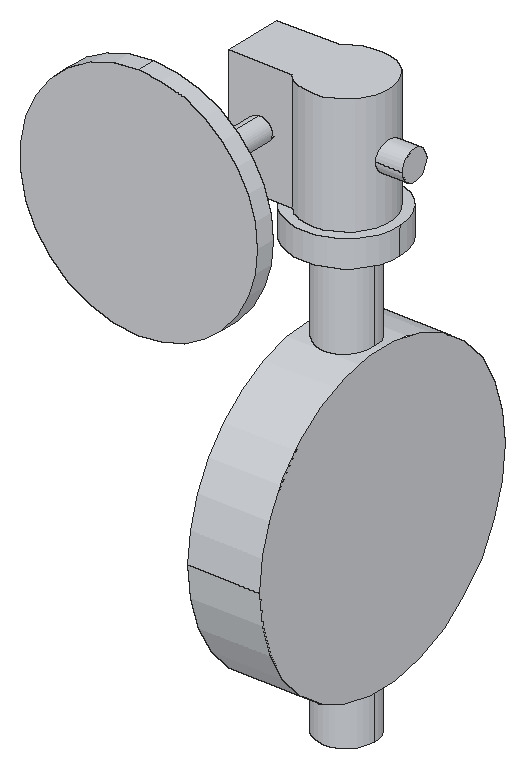
Revit family "HS497-67_disk-litina-převodové kolo DN200-RFA_2018", category Pipe Accessories, Revit 2018
Family settings
  Round Connector Dimension = Use Diameter
  Part Type = Valve - Breaks Into
  Work Plane-Based = No
  Always vertical = Yes
  Cut with Voids When Loaded = No
  Shared = No
Parameters (values of type "HS 497-67_DN200_PN16_převodové kolo")
  magiProductId = "b2793cc1fcc44cf2a35062cd67c04f"
  magiProductFamilyId = "53cea81e6f374d17b8841d9c72ad77"
  magiPartTypeId = 305
  isMeasuringValve [instance] = no
  ang2D [instance] = 0.00°
  X11 = 61.456 mm
  X1 = 25.456 mm
  W2D = 1000 mm
  VersionID = "2.0/2017.9.26.1/ZETKAMA_497_001"
  Use Minimum Symbol Size [instance] = yes
  URL = "http://www.hydronic.cz"
  Type Comments = "mezipřírubová; litinový disk; PN16; -10~+110°C (krátkodobě +120°C)"
  SW30 = yes
  SW3 = yes
  SW21 = no
  SW20 = no
  SW2 = no
  SW1 = no
  R = 100 mm
  QmdConnectorList = "301;D;302;D"
  Productdata [instance] = ""
  NC = 57 mm
  Model = ""
  Manufacturer = "Hydronic Systems Prague s.r.o."
  MM20 = 25.456 mm
  MC Product Code = "125 200 (litinový disk, s převodovým kolem; DN200; PN16, kvs2675)"
  M41 = 78.75 mm
  M4 = 52.5 mm
  LHL = 220 mm
  LHH3 = 2.45 mm
  LHH1 = 46.55 mm
  LH1 = 73.333 mm
  L4R__ve = -L4R  # -15.2 mm
  L4R = 15.2 mm
  L42__ve = -L42  # -114 mm
  L42 = 114 mm
  L41__ve = -L41  # -22.8 mm
  L41 = 22.8 mm
  L2D_Min = 3048 mm
  L2D = 216 mm
  L2 = 30 mm
  L1 = 48 mm
  L = 60 mm
  H = 33 mm
  G22 = 11.25 mm
  G2 = 22.5 mm
  G1 = 90 mm
  G = 90 mm
  F = 17 mm
  E44 = 50 mm
  E42 = 100 mm
  E4 = 200 mm
  E23 = 4.9 mm
  E22 = 19.6 mm
  E21 = 9.8 mm
  Description = "Mezipřírubová uzavírací klapka s převodovým kolem; litinový disk, DN200; PN16; kvs2675"
  DR2 = 100 mm
  DR = 257 mm
  DD1 = 25 mm
  DD = 20 mm
  D = 200 mm
  CAT0 = yes
  B2__ve = -B2  # -70 mm
  B2 = 70 mm
  A2 = 22.5 mm
  A1 = 102.5 mm
Types (43, lengths in mm): name | magiProductId | X11 | X1 | Type Comments | SW30 | SW3 | SW20 | SW2 | SW1 | R | NC | MM20 | MC Product Code | M41 | M4 | LHL | LHH3 | LHH1 | LH1 | L4R__ve | L4R | L42__ve | L42 | L41__ve | L41 | L2 | L1 | L | H | G | F | E44 | E42 | E4 | E23 | E22 | E21 | Description | DR2 | DR | DD1 | DD | D | B2__ve | B2 | A2 | A1
  HS 497-67_DN100_PN16_volné vřeteno | "65d1b245f4f142c78569c0602d5754" | 61.456 | 25.456 | "mezipřírubová; litinový disk; PN16; -10~+110°C (krátkodobě +120°C)" | no | no | no | no | yes | 50 | 50 | 25.456 | "123 100 (litinový disk, s volným vřetenem; DN100; PN16, kvs512)" | 66 | 44 | 220 | 2.45 | 46.55 | 73.333 | -12.8 | 12.8 | -96 | 96 | -19.2 | 19.2 | 26 | 41.6 | 52 | 30 | 90 | 11 | 31.25 | 62.5 | 125 | 4.9 | 19.6 | 9.8 | "Mezipřírubová uzavírací klapka s volným vřetenem; litinový disk, DN100; PN16; kvs512" | 50 | 147 | 15.625 | 12.5 | 100 | -56 | 56 | 16.5 | 98.5
  HS 497-67_DN100_PN16_převodové kolo | "11e91b807e674d428c8e796fcdcfe2" | 61.456 | 25.456 | "mezipřírubová; litinový disk; PN16; -10~+110°C (krátkodobě +120°C)" | yes | yes | no | no | no | 50 | 50 | 25.456 | "125 100 (litinový disk, s převodovým kolem; DN100; PN16, kvs512)" | 65.25 | 43.5 | 220 | 2.45 | 46.55 | 73.333 | -12.8 | 12.8 | -96 | 96 | -19.2 | 19.2 | 26 | 41.6 | 52 | 30 | 90 | 11 | 31.25 | 62.5 | 125 | 4.9 | 19.6 | 9.8 | "Mezipřírubová uzavírací klapka s převodovým kolem; litinový disk, DN100; PN16; kvs512" | 50 | 147 | 15.625 | 12.5 | 100 | -56 | 56 | 16.5 | 98.5
  HS 497-67_DN100_PN16_s pákou | "28172f0b3f4b47b28323ac71cf8749" | 61.456 | 25.456 | "mezipřírubová; litinový disk; PN16; -10~+110°C (krátkodobě +120°C)" | no | no | yes | yes | no | 50 | 50 | 25.456 | "120 100 (litinový disk, s pákou; DN100; PN16, kvs512)" | 66 | 44 | 260 | 3 | 57 | 86.667 | -12.8 | 12.8 | -96 | 96 | -19.2 | 19.2 | 26 | 41.6 | 52 | 30 | 90 | 11 | 31.25 | 62.5 | 125 | 6 | 24 | 12 | "Mezipřírubová uzavírací klapka s pákou; litinový disk, DN100; PN16; kvs512" | 50 | 147 | 15.625 | 12.5 | 100 | -56 | 56 | 16.5 | 98.5
  HS 497-67_DN125_PN16_volné vřeteno | "0d813d910fc14f628bb3c2efbd185c" | 61.456 | 25.456 | "mezipřírubová; litinový disk; PN16; -10~+110°C (krátkodobě +120°C)" | no | no | no | no | yes | 62.5 | 50 | 25.456 | "123 125 (litinový disk, s volným vřetenem; DN125; PN16, kvs872)" | 66 | 44 | 220 | 2.45 | 46.55 | 73.333 | -12.8 | 12.8 | -96 | 96 | -19.2 | 19.2 | 28 | 44.8 | 56 | 33 | 90 | 14 | 31.25 | 62.5 | 125 | 4.9 | 19.6 | 9.8 | "Mezipřírubová uzavírací klapka s volným vřetenem; litinový disk, DN125; PN16; kvs872" | 62.5 | 180 | 15.625 | 12.5 | 125 | -64 | 64 | 18 | 99.5
  HS 497-67_DN125_PN16_převodové kolo | "c56b7c13f372467684996fb1e0e229" | 61.456 | 25.456 | "mezipřírubová; litinový disk; PN16; -10~+110°C (krátkodobě +120°C)" | yes | yes | no | no | no | 62.5 | 50 | 25.456 | "125 125 (litinový disk, s převodovým kolem; DN125; PN16, kvs872)" | 65.25 | 43.5 | 220 | 2.45 | 46.55 | 73.333 | -13.5 | 13.5 | -101.25 | 101.25 | -20.25 | 20.25 | 28 | 44.8 | 56 | 33 | 90 | 14 | 40 | 80 | 160 | 4.9 | 19.6 | 9.8 | "Mezipřírubová uzavírací klapka s převodovým kolem; litinový disk, DN125; PN16; kvs872" | 62.5 | 180 | 20 | 16 | 125 | -64 | 64 | 18 | 99.5
  HS 497-67_DN125_PN16_s pákou | "105993c79a91492399feef7931321a" | 61.456 | 25.456 | "mezipřírubová; litinový disk; PN16; -10~+110°C (krátkodobě +120°C)" | no | no | yes | yes | no | 62.5 | 50 | 25.456 | "120 125 (litinový disk, s pákou; DN125; PN16, kvs872)" | 66 | 44 | 315 | 3.75 | 71.25 | 105 | -12.8 | 12.8 | -96 | 96 | -19.2 | 19.2 | 28 | 44.8 | 56 | 33 | 90 | 14 | 31.25 | 62.5 | 125 | 7.5 | 30 | 15 | "Mezipřírubová uzavírací klapka s pákou; litinový disk, DN125; PN16; kvs872" | 62.5 | 180 | 15.625 | 12.5 | 125 | -64 | 64 | 18 | 99.5
  HS 497-67_DN150_PN16_volné vřeteno | "50c80cb8ab434f55ab7796e5ac1331" | 61.456 | 25.456 | "mezipřírubová; litinový disk; PN16; -10~+110°C (krátkodobě +120°C)" | no | no | no | no | yes | 75 | 50 | 25.456 | "123 150 (litinový disk, s volným vřetenem; DN150; PN16, kvs1347)" | 66 | 44 | 220 | 2.45 | 46.55 | 73.333 | -12.8 | 12.8 | -96 | 96 | -19.2 | 19.2 | 28 | 44.8 | 56 | 33 | 90 | 14 | 31.25 | 62.5 | 125 | 4.9 | 19.6 | 9.8 | "Mezipřírubová uzavírací klapka s volným vřetenem; litinový disk, DN150; PN16; kvs1347" | 75 | 206 | 15.625 | 12.5 | 150 | -58 | 58 | 19.3 | 98.7
  HS 497-67_DN150_PN16_převodové kolo | "d94a1a0cf83b476eb10011b327f709" | 61.456 | 25.456 | "mezipřírubová; litinový disk; PN16; -10~+110°C (krátkodobě +120°C)" | yes | yes | no | no | no | 75 | 50 | 25.456 | "125 150 (litinový disk, s převodovým kolem; DN150; PN16, kvs1347)" | 65.25 | 43.5 | 220 | 2.45 | 46.55 | 73.333 | -13.5 | 13.5 | -101.25 | 101.25 | -20.25 | 20.25 | 28 | 44.8 | 56 | 33 | 90 | 14 | 40 | 80 | 160 | 4.9 | 19.6 | 9.8 | "Mezipřírubová uzavírací klapka s převodovým kolem; litinový disk, DN150; PN16; kvs1347" | 75 | 206 | 20 | 16 | 150 | -58 | 58 | 19.3 | 98.7
  HS 497-67_DN150_PN16_s pákou | "4d2835523fe84828bc50ff0a5a0dfb" | 61.456 | 25.456 | "mezipřírubová; litinový disk; PN16; -10~+110°C (krátkodobě +120°C)" | no | no | yes | yes | no | 75 | 50 | 25.456 | "120 150 (litinový disk, s pákou; DN150; PN16, kvs1347)" | 66 | 44 | 315 | 3.75 | 71.25 | 105 | -12.8 | 12.8 | -96 | 96 | -19.2 | 19.2 | 28 | 44.8 | 56 | 33 | 90 | 14 | 31.25 | 62.5 | 125 | 7.5 | 30 | 15 | "Mezipřírubová uzavírací klapka s pákou; litinový disk, DN150; PN16; kvs1347" | 75 | 206 | 15.625 | 12.5 | 150 | -58 | 58 | 19.3 | 98.7
  HS 497-67_DN200_PN16_volné vřeteno | "5b29029eaeba47139ee1055a4b9201" | 61.456 | 25.456 | "mezipřírubová; litinový disk; PN16; -10~+110°C (krátkodobě +120°C)" | no | no | no | no | yes | 100 | 50 | 25.456 | "123 200 (litinový disk, s volným vřetenem; DN200; PN16, kvs2675)" | 66 | 44 | 220 | 2.45 | 46.55 | 73.333 | -12.8 | 12.8 | -96 | 96 | -19.2 | 19.2 | 30 | 48 | 60 | 33 | 90 | 17 | 31.25 | 62.5 | 125 | 4.9 | 19.6 | 9.8 | "Mezipřírubová uzavírací klapka s volným vřetenem; litinový disk, DN200; PN16; kvs2675" | 100 | 257 | 15.625 | 12.5 | 200 | -70 | 70 | 22.5 | 102.5
  HS 497-67_DN200_PN16_převodové kolo | "b2793cc1fcc44cf2a35062cd67c04f" | 61.456 | 25.456 | "mezipřírubová; litinový disk; PN16; -10~+110°C (krátkodobě +120°C)" | yes | yes | no | no | no | 100 | 57 | 25.456 | "125 200 (litinový disk, s převodovým kolem; DN200; PN16, kvs2675)" | 78.75 | 52.5 | 220 | 2.45 | 46.55 | 73.333 | -15.2 | 15.2 | -114 | 114 | -22.8 | 22.8 | 30 | 48 | 60 | 33 | 90 | 17 | 50 | 100 | 200 | 4.9 | 19.6 | 9.8 | "Mezipřírubová uzavírací klapka s převodovým kolem; litinový disk, DN200; PN16; kvs2675" | 100 | 257 | 25 | 20 | 200 | -70 | 70 | 22.5 | 102.5
  HS 497-67_DN200_PN16_s pákou | "f88d96c7af224537a51e72d7d8fffe" | 61.456 | 25.456 | "mezipřírubová; litinový disk; PN16; -10~+110°C (krátkodobě +120°C)" | no | no | yes | yes | no | 100 | 50 | 25.456 | "120 200 (litinový disk, s pákou; DN200; PN16, kvs2675)" | 66 | 44 | 315 | 3.75 | 71.25 | 105 | -12.8 | 12.8 | -96 | 96 | -19.2 | 19.2 | 30 | 48 | 60 | 33 | 90 | 17 | 31.25 | 62.5 | 125 | 7.5 | 30 | 15 | "Mezipřírubová uzavírací klapka s pákou; litinový disk, DN200; PN16; kvs2675" | 100 | 257 | 15.625 | 12.5 | 200 | -70 | 70 | 22.5 | 102.5
  HS 497-67_DN250_PN16_volné vřeteno | "b662e8305ca2402b9c510e66e6aa55" | 88.77 | 36.77 | "mezipřírubová; litinový disk; PN16; -10~+110°C (krátkodobě +120°C)" | no | no | no | no | yes | 125 | 50 | 36.77 | "123 250 (litinový disk, s volným vřetenem; DN250; PN16, kvs4555)" | 66 | 44 | 220 | 2.45 | 46.55 | 73.333 | -12.8 | 12.8 | -96 | 96 | -19.2 | 19.2 | 34 | 54.4 | 68 | 23 | 130 | 22 | 31.25 | 62.5 | 125 | 4.9 | 19.6 | 9.8 | "Mezipřírubová uzavírací klapka s volným vřetenem; litinový disk, DN250; PN16; kvs4555" | 125 | 324 | 15.625 | 12.5 | 250 | -85 | 85 | 28.25 | 129.25
  HS 497-67_DN250_PN16_převodové kolo | "5ee9016806664ddfaa2632711f295c" | 88.77 | 36.77 | "mezipřírubová; litinový disk; PN16; -10~+110°C (krátkodobě +120°C)" | yes | yes | no | no | no | 125 | 70 | 36.77 | "125 250 (litinový disk, s převodovým kolem; DN250; PN16, kvs4555)" | 91.5 | 61 | 220 | 2.45 | 46.55 | 73.333 | -22.2 | 22.2 | -166.5 | 166.5 | -33.3 | 33.3 | 34 | 54.4 | 68 | 23 | 130 | 22 | 62.5 | 125 | 250 | 4.9 | 19.6 | 9.8 | "Mezipřírubová uzavírací klapka s převodovým kolem; litinový disk, DN250; PN16; kvs4555" | 125 | 324 | 31.25 | 25 | 250 | -85 | 85 | 28.25 | 129.25
  HS 497-67_DN300_PN16_volné vřeteno | "e1886f51ff004380a649519258edf2" | 88.77 | 36.77 | "mezipřírubová; litinový disk; PN16; -10~+110°C (krátkodobě +120°C)" | no | no | no | no | yes | 150 | 50 | 36.77 | "123 300 (litinový disk, s volným vřetenem; DN300; PN16, kvs7037)" | 66 | 44 | 220 | 2.45 | 46.55 | 73.333 | -12.8 | 12.8 | -96 | 96 | -19.2 | 19.2 | 39 | 62.4 | 78 | 23 | 130 | 22 | 31.25 | 62.5 | 125 | 4.9 | 19.6 | 9.8 | "Mezipřírubová uzavírací klapka s volným vřetenem; litinový disk, DN300; PN16; kvs7037" | 150 | 376 | 15.625 | 12.5 | 300 | -90 | 90 | 30.8 | 127.2
  HS 497-67_DN300_PN16_převodové kolo | "6860f094f77d42088fbebc3c97f755" | 88.77 | 36.77 | "mezipřírubová; litinový disk; PN16; -10~+110°C (krátkodobě +120°C)" | yes | yes | no | no | no | 150 | 70 | 36.77 | "125 300 (litinový disk, s převodovým kolem; DN300; PN16, kvs7037)" | 91.5 | 61 | 220 | 2.45 | 46.55 | 73.333 | -22.2 | 22.2 | -166.5 | 166.5 | -33.3 | 33.3 | 39 | 62.4 | 78 | 23 | 130 | 22 | 62.5 | 125 | 250 | 4.9 | 19.6 | 9.8 | "Mezipřírubová uzavírací klapka s převodovým kolem; litinový disk, DN300; PN16; kvs7037" | 150 | 376 | 31.25 | 25 | 300 | -90 | 90 | 30.8 | 127.2
  HS 497-67_DN032_PN16_volné vřeteno | "8c5f65de52aa4067a77564107e31b2" | 61.456 | 25.456 | "mezipřírubová; litinový disk; PN16; -10~+110°C (krátkodobě +120°C)" | no | no | no | no | yes | 16 | 50 | 25.456 | "123 032 (litinový disk, s volným vřetenem; DN32; PN16, kvs78)" | 66 | 44 | 220 | 2.45 | 46.55 | 73.333 | -12.8 | 12.8 | -96 | 96 | -19.2 | 19.2 | 16.5 | 26.4 | 33 | 30 | 90 | 11 | 31.25 | 62.5 | 125 | 4.9 | 19.6 | 9.8 | "Mezipřírubová uzavírací klapka s volným vřetenem; litinový disk, DN32; PN16; kvs78" | 16 | 68 | 15.625 | 12.5 | 32 | -44.2 | 44.2 | 10.25 | 76.25
  HS 497-67_DN032_PN16_převodové kolo | "60aaeffa8b3a4e809ef000e4660060" | 61.456 | 25.456 | "mezipřírubová; litinový disk; PN16; -10~+110°C (krátkodobě +120°C)" | yes | yes | no | no | no | 16 | 50 | 25.456 | "125 032 (litinový disk, s převodovým kolem; DN32; PN16, kvs78)" | 65.25 | 43.5 | 220 | 2.45 | 46.55 | 73.333 | -12.8 | 12.8 | -96 | 96 | -19.2 | 19.2 | 16.5 | 26.4 | 33 | 30 | 90 | 11 | 31.25 | 62.5 | 125 | 4.9 | 19.6 | 9.8 | "Mezipřírubová uzavírací klapka s převodovým kolem; litinový disk, DN32; PN16; kvs78" | 16 | 68 | 15.625 | 12.5 | 32 | -44.2 | 44.2 | 10.25 | 76.25
  HS 497-67_DN032_PN16_s pákou | "9ad8088d610749a1b871aa2aad8007" | 61.456 | 25.456 | "mezipřírubová; litinový disk; PN16; -10~+110°C (krátkodobě +120°C)" | no | no | yes | yes | no | 16 | 50 | 25.456 | "120 032 (litinový disk, s pákou; DN32; PN16, kvs78)" | 66 | 44 | 220 | 2.45 | 46.55 | 73.333 | -12.8 | 12.8 | -96 | 96 | -19.2 | 19.2 | 16.5 | 26.4 | 33 | 30 | 90 | 11 | 31.25 | 62.5 | 125 | 4.9 | 19.6 | 9.8 | "Mezipřírubová uzavírací klapka s pákou; litinový disk, DN32; PN16; kvs78" | 16 | 68 | 15.625 | 12.5 | 32 | -44.2 | 44.2 | 10.25 | 76.25
  HS 497-67_DN350_PN10_volné vřeteno | "72a1e05f22944421b7e9596a877137" | 109.255 | 45.255 | "mezipřírubová; litinový disk; PN10; -10~+110°C (krátkodobě +120°C)" | no | no | no | no | yes | 175 | 50 | 45.255 | "123 350 (litinový disk, s volným vřetenem; DN350; PN10, kvs10165)" | 66 | 44 | 220 | 2.45 | 46.55 | 73.333 | -12.8 | 12.8 | -96 | 96 | -19.2 | 19.2 | 39 | 62.4 | 78 | 31 | 160 | 22 | 31.25 | 62.5 | 125 | 4.9 | 19.6 | 9.8 | "Mezipřírubová uzavírací klapka s volným vřetenem; litinový disk, DN350; PN10; kvs10165" | 175 | 430 | 15.625 | 12.5 | 350 | -88 | 88 | 33.85 | 129.65
  HS 497-67_DN350_PN10_převodové kolo | "a5a01426cb28494ba3afca92f1dace" | 109.255 | 45.255 | "mezipřírubová; litinový disk; PN10; -10~+110°C (krátkodobě +120°C)" | yes | yes | no | no | no | 175 | 70 | 45.255 | "125 350 (litinový disk, s převodovým kolem; DN350; PN10, kvs10165)" | 91.5 | 61 | 220 | 2.45 | 46.55 | 73.333 | -22.2 | 22.2 | -166.5 | 166.5 | -33.3 | 33.3 | 39 | 62.4 | 78 | 31 | 160 | 22 | 62.5 | 125 | 250 | 4.9 | 19.6 | 9.8 | "Mezipřírubová uzavírací klapka s převodovým kolem; litinový disk, DN350; PN10; kvs10165" | 175 | 430 | 31.25 | 25 | 350 | -88 | 88 | 33.85 | 129.65
  HS 497-67_DN400_PN10_volné vřeteno | "c70ebeb927c04ab99b176e257ad0a7" | 109.255 | 45.255 | "mezipřírubová; litinový disk; PN10; -10~+110°C (krátkodobě +120°C)" | no | no | no | no | yes | 200 | 50 | 45.255 | "123 400 (litinový disk, s volným vřetenem; DN400; PN10, kvs13799)" | 66 | 44 | 220 | 2.45 | 46.55 | 73.333 | -12.8 | 12.8 | -96 | 96 | -19.2 | 19.2 | 51 | 81.6 | 102 | 31 | 160 | 27 | 31.25 | 62.5 | 125 | 4.9 | 19.6 | 9.8 | "Mezipřírubová uzavírací klapka s volným vřetenem; litinový disk, DN400; PN10; kvs13799" | 200 | 485 | 15.625 | 12.5 | 400 | -108 | 108 | 38 | 142
  HS 497-67_DN400_PN10_převodové kolo | "cc64a4384dcb41b780d81810f4f293" | 109.255 | 45.255 | "mezipřírubová; litinový disk; PN10; -10~+110°C (krátkodobě +120°C)" | yes | yes | no | no | no | 200 | 72.5 | 45.255 | "125 400 (litinový disk, s převodovým kolem; DN400; PN10, kvs13799)" | 103.5 | 69 | 220 | 2.45 | 46.55 | 73.333 | -27.8 | 27.8 | -208.5 | 208.5 | -41.7 | 41.7 | 51 | 81.6 | 102 | 31 | 160 | 27 | 75 | 150 | 300 | 4.9 | 19.6 | 9.8 | "Mezipřírubová uzavírací klapka s převodovým kolem; litinový disk, DN400; PN10; kvs13799" | 200 | 485 | 37.5 | 30 | 400 | -108 | 108 | 38 | 142
  HS 497-67_DN040_PN16_volné vřeteno | "35f92312390745e88df5b5c325d9ee" | 61.456 | 25.456 | "mezipřírubová; litinový disk; PN16; -10~+110°C (krátkodobě +120°C)" | no | no | no | no | yes | 20 | 50 | 25.456 | "123 040 (litinový disk, s volným vřetenem; DN40; PN16, kvs78)" | 66 | 44 | 220 | 2.45 | 46.55 | 73.333 | -12.8 | 12.8 | -96 | 96 | -19.2 | 19.2 | 16.5 | 26.4 | 33 | 30 | 90 | 11 | 31.25 | 62.5 | 125 | 4.9 | 19.6 | 9.8 | "Mezipřírubová uzavírací klapka s volným vřetenem; litinový disk, DN40; PN16; kvs78" | 20 | 76 | 15.625 | 12.5 | 40 | -36 | 36 | 11 | 79
  HS 497-67_DN040_PN16_převodové kolo | "d88e968eae3445bc9b7b4e6ff35127" | 61.456 | 25.456 | "mezipřírubová; litinový disk; PN16; -10~+110°C (krátkodobě +120°C)" | yes | yes | no | no | no | 20 | 50 | 25.456 | "125 040 (litinový disk, s převodovým kolem; DN40; PN16, kvs78)" | 65.25 | 43.5 | 220 | 2.45 | 46.55 | 73.333 | -12.8 | 12.8 | -96 | 96 | -19.2 | 19.2 | 16.5 | 26.4 | 33 | 30 | 90 | 11 | 31.25 | 62.5 | 125 | 4.9 | 19.6 | 9.8 | "Mezipřírubová uzavírací klapka s převodovým kolem; litinový disk, DN40; PN16; kvs78" | 20 | 76 | 15.625 | 12.5 | 40 | -36 | 36 | 11 | 79
  HS 497-67_DN040_PN16_s pákou | "c1b522ca65b4407a98818f232eaacb" | 61.456 | 25.456 | "mezipřírubová; litinový disk; PN16; -10~+110°C (krátkodobě +120°C)" | no | no | yes | yes | no | 20 | 50 | 25.456 | "120 040 (litinový disk, s pákou; DN40; PN16, kvs78)" | 66 | 44 | 220 | 2.45 | 46.55 | 73.333 | -12.8 | 12.8 | -96 | 96 | -19.2 | 19.2 | 16.5 | 26.4 | 33 | 30 | 90 | 11 | 31.25 | 62.5 | 125 | 4.9 | 19.6 | 9.8 | "Mezipřírubová uzavírací klapka s pákou; litinový disk, DN40; PN16; kvs78" | 20 | 76 | 15.625 | 12.5 | 40 | -36 | 36 | 11 | 79
  HS 497-67_DN450_PN10_volné vřeteno | "a8358bc282f14872b3194e530e590a" | 129.74 | 53.74 | "mezipřírubová; litinový disk; PN10; -10~+110°C (krátkodobě +120°C)" | no | no | no | no | yes | 225 | 50 | 53.74 | "123 450 (litinový disk, s volným vřetenem; DN450; PN10, kvs18514)" | 66 | 44 | 220 | 2.45 | 46.55 | 73.333 | -12.8 | 12.8 | -96 | 96 | -19.2 | 19.2 | 57 | 91.2 | 114 | 38 | 190 | 36 | 31.25 | 62.5 | 125 | 4.9 | 19.6 | 9.8 | "Mezipřírubová uzavírací klapka s volným vřetenem; litinový disk, DN450; PN10; kvs18514" | 225 | 536 | 15.625 | 12.5 | 450 | -115 | 115 | 38.05 | 117.45
  HS 497-67_DN450_PN10_převodové kolo | "cdf2d80f54a9414f9cbe50647c0ebd" | 129.74 | 53.74 | "mezipřírubová; litinový disk; PN10; -10~+110°C (krátkodobě +120°C)" | yes | yes | no | no | no | 225 | 91.5 | 53.74 | "125 450 (litinový disk, s převodovým kolem; DN450; PN10, kvs18514)" | 144.75 | 96.5 | 220 | 2.45 | 46.55 | 73.333 | -32.1 | 32.1 | -240.75 | 240.75 | -48.15 | 48.15 | 57 | 91.2 | 114 | 38 | 190 | 36 | 100 | 200 | 400 | 4.9 | 19.6 | 9.8 | "Mezipřírubová uzavírací klapka s převodovým kolem; litinový disk, DN450; PN10; kvs18514" | 225 | 536 | 50 | 40 | 450 | -115 | 115 | 38.05 | 117.45
  HS 497-67_DN500_PN10_volné vřeteno | "8c396e27bb2743f98f3c762b6517cd" | 143.397 | 59.397 | "mezipřírubová; litinový disk; PN10; -10~+110°C (krátkodobě +120°C)" | no | no | no | no | yes | 250 | 50 | 59.397 | "123 500 (litinový disk, s volným vřetenem; DN500; PN10, kvs23805)" | 66 | 44 | 220 | 2.45 | 46.55 | 73.333 | -12.8 | 12.8 | -96 | 96 | -19.2 | 19.2 | 63.5 | 101.6 | 127 | 38 | 210 | 36 | 31.25 | 62.5 | 125 | 4.9 | 19.6 | 9.8 | "Mezipřírubová uzavírací klapka s volným vřetenem; litinový disk, DN500; PN10; kvs23805" | 250 | 593 | 15.625 | 12.5 | 500 | -130 | 130 | 43.25 | 139.25
  HS 497-67_DN500_PN10_převodové kolo | "7647804f32e94cef828a7034a91a46" | 143.397 | 59.397 | "mezipřírubová; litinový disk; PN10; -10~+110°C (krátkodobě +120°C)" | yes | yes | no | no | no | 250 | 91.5 | 59.397 | "125 500 (litinový disk, s převodovým kolem; DN500; PN10, kvs23805)" | 144.75 | 96.5 | 220 | 2.45 | 46.55 | 73.333 | -32.1 | 32.1 | -240.75 | 240.75 | -48.15 | 48.15 | 63.5 | 101.6 | 127 | 38 | 210 | 36 | 100 | 200 | 400 | 4.9 | 19.6 | 9.8 | "Mezipřírubová uzavírací klapka s převodovým kolem; litinový disk, DN500; PN10; kvs23805" | 250 | 593 | 50 | 40 | 500 | -130 | 130 | 43.25 | 139.25
  HS 497-67_DN050_volné vřeteno | "d71f296ecd6d4adf8f6e5d9853b4e0" | 61.456 | 25.456 | "mezipřírubová; litinový disk; PN16; -10~+110°C (krátkodobě +120°C)" | no | no | no | no | yes | 25 | 50 | 25.456 | "123 050 (litinový disk, s volným vřetenem; DN50; PN16, kvs98)" | 66 | 44 | 220 | 2.45 | 46.55 | 73.333 | -12.8 | 12.8 | -96 | 96 | -19.2 | 19.2 | 21.5 | 34.4 | 43 | 30 | 90 | 11 | 31.25 | 62.5 | 125 | 4.9 | 19.6 | 9.8 | "Mezipřírubová uzavírací klapka s volným vřetenem; litinový disk, DN50; PN16; kvs98" | 25 | 100 | 15.625 | 12.5 | 50 | -36.5 | 36.5 | 12 | 83
  HS 497-67_DN050_PN16_převodové kolo | "2fb080deeaed49c58418b94c1da5a4" | 61.456 | 25.456 | "mezipřírubová; litinový disk; PN16; -10~+110°C (krátkodobě +120°C)" | yes | yes | no | no | no | 25 | 50 | 25.456 | "125 050 (litinový disk, s převodovým kolem; DN50; PN16, kvs98)" | 65.25 | 43.5 | 220 | 2.45 | 46.55 | 73.333 | -12.8 | 12.8 | -96 | 96 | -19.2 | 19.2 | 21.5 | 34.4 | 43 | 30 | 90 | 11 | 31.25 | 62.5 | 125 | 4.9 | 19.6 | 9.8 | "Mezipřírubová uzavírací klapka s převodovým kolem; litinový disk, DN50; PN16; kvs98" | 25 | 100 | 15.625 | 12.5 | 50 | -36.5 | 36.5 | 12 | 83
  HS 497-67_DN050_PN16_s pákou | "dabc632061f94877a994b9b4e68112" | 61.456 | 25.456 | "mezipřírubová; litinový disk; PN16; -10~+110°C (krátkodobě +120°C)" | no | no | yes | yes | no | 25 | 50 | 25.456 | "120 050 (litinový disk, s pákou; DN50; PN16, kvs98)" | 66 | 44 | 220 | 2.45 | 46.55 | 73.333 | -12.8 | 12.8 | -96 | 96 | -19.2 | 19.2 | 21.5 | 34.4 | 43 | 30 | 90 | 11 | 31.25 | 62.5 | 125 | 4.9 | 19.6 | 9.8 | "Mezipřírubová uzavírací klapka s pákou; litinový disk, DN50; PN16; kvs98" | 25 | 100 | 15.625 | 12.5 | 50 | -36.5 | 36.5 | 12 | 83
  HS 497-67_DN600_PN10_volné vřeteno | "99d5892c14664fce81a7c5903f7711" | 143.397 | 59.397 | "mezipřírubová; litinový disk; PN10; -10~+110°C (krátkodobě +120°C)" | no | no | no | no | yes | 300 | 50 | 59.397 | "123 600 (litinový disk, s volným vřetenem; DN600; PN10, kvs36778)" | 66 | 44 | 220 | 2.45 | 46.55 | 73.333 | -12.8 | 12.8 | -96 | 96 | -19.2 | 19.2 | 77 | 123.2 | 154 | 80 | 210 | 60 | 31.25 | 62.5 | 125 | 4.9 | 19.6 | 9.8 | "Mezipřírubová uzavírací klapka s volným vřetenem; litinový disk, DN600; PN10; kvs36788" | 300 | 690 | 15.625 | 12.5 | 600 | -140 | 140 | 49.4 | 144.6
  HS 497-67_DN600_PN10_převodové kolo | "b1e26faab48a4c499f6bb11e7e3002" | 143.397 | 59.397 | "mezipřírubová; litinový disk; PN10; -10~+110°C (krátkodobě +120°C)" | yes | yes | no | no | no | 300 | 140 | 59.397 | "125 600 (litinový disk, s převodovým kolem; DN600; PN10, kvs36778)" | 206.25 | 137.5 | 220 | 2.45 | 46.55 | 73.333 | -40.8 | 40.8 | -306 | 306 | -61.2 | 61.2 | 77 | 123.2 | 154 | 80 | 210 | 60 | 125 | 250 | 500 | 4.9 | 19.6 | 9.8 | "Mezipřírubová uzavírací klapka s převodovým kolem; litinový disk, DN600; PN10; kvs36788" | 300 | 690 | 62.5 | 50 | 600 | -140 | 140 | 49.4 | 144.6
  HS 497-67_DN065_PN16_volné vřeteno | "5e5e208646e34ec29f889baab5d08e" | 61.456 | 25.456 | "mezipřírubová; litinový disk; PN16; -10~+110°C (krátkodobě +120°C)" | no | no | no | no | yes | 32.5 | 50 | 25.456 | "123 065 (litinový disk, s volným vřetenem; DN65; PN16, kvs167)" | 66 | 44 | 220 | 2.45 | 46.55 | 73.333 | -12.8 | 12.8 | -96 | 96 | -19.2 | 19.2 | 23 | 36.8 | 46 | 30 | 90 | 11 | 31.25 | 62.5 | 125 | 4.9 | 19.6 | 9.8 | "Mezipřírubová uzavírací klapka s volným vřetenem; litinový disk, DN65; PN16; kv167" | 32.5 | 108 | 15.625 | 12.5 | 65 | -36.5 | 36.5 | 13.5 | 89
  HS 497-67_DN065_PN16_převodové kolo | "654d74c8d15540b0bfe523d988ccb3" | 61.456 | 25.456 | "mezipřírubová; litinový disk; PN16; -10~+110°C (krátkodobě +120°C)" | yes | yes | no | no | no | 32.5 | 50 | 25.456 | "125 065 (litinový disk, s převodovým kolem; DN65; PN16, kvs167)" | 65.25 | 43.5 | 220 | 2.45 | 46.55 | 73.333 | -12.8 | 12.8 | -96 | 96 | -19.2 | 19.2 | 23 | 36.8 | 46 | 30 | 90 | 11 | 31.25 | 62.5 | 125 | 4.9 | 19.6 | 9.8 | "Mezipřírubová uzavírací klapka s převodovým kolem; litinový disk, DN65; PN16; kvs167" | 32.5 | 108 | 15.625 | 12.5 | 65 | -36.5 | 36.5 | 13.5 | 89
  HS 497-67_DN065_PN16_s pákou | "ebeb4b59db0641caaf6d6635ab37b9" | 61.456 | 25.456 | "mezipřírubová; litinový disk; PN16; -10~+110°C (krátkodobě +120°C)" | no | no | yes | yes | no | 32.5 | 50 | 25.456 | "120 065 (litinový disk, s pákou; DN65; PN16, kvs167)" | 66 | 44 | 220 | 2.45 | 46.55 | 73.333 | -12.8 | 12.8 | -96 | 96 | -19.2 | 19.2 | 23 | 36.8 | 46 | 30 | 90 | 11 | 31.25 | 62.5 | 125 | 4.9 | 19.6 | 9.8 | "Mezipřírubová uzavírací klapka s pákou; litinový disk, DN65; PN16; kvs167" | 32.5 | 108 | 15.625 | 12.5 | 65 | -36.5 | 36.5 | 13.5 | 89
  HS 497-67_DN080_PN16_volné vřeteno | "9e85c75c18654e1185a9c48ed6b00e" | 61.456 | 25.456 | "mezipřírubová; litinový disk; PN16; -10~+110°C (krátkodobě +120°C)" | no | no | no | no | yes | 40 | 50 | 25.456 | "123 080 (litinový disk, s volným vřetenem; DN80; PN16, kvs258)" | 66 | 44 | 220 | 2.45 | 46.55 | 73.333 | -12.8 | 12.8 | -96 | 96 | -19.2 | 19.2 | 23 | 36.8 | 46 | 30 | 90 | 11 | 31.25 | 62.5 | 125 | 4.9 | 19.6 | 9.8 | "Mezipřírubová uzavírací klapka s volným vřetenem; litinový disk, DN80; PN16; kvs258" | 40 | 124 | 15.625 | 12.5 | 80 | -54 | 54 | 14.1 | 86.9
  HS 497-67_DN080_PN16_převodové kolo | "5b3c8238c3d041e68c75b199e7ea46" | 61.456 | 25.456 | "mezipřírubová; litinový disk; PN16; -10~+110°C (krátkodobě +120°C)" | yes | yes | no | no | no | 40 | 50 | 25.456 | "125 080 (litinový disk, s převodovým kolem; DN80; PN16, kvs258)" | 65.25 | 43.5 | 220 | 2.45 | 46.55 | 73.333 | -12.8 | 12.8 | -96 | 96 | -19.2 | 19.2 | 23 | 36.8 | 46 | 30 | 90 | 11 | 31.25 | 62.5 | 125 | 4.9 | 19.6 | 9.8 | "Mezipřírubová uzavírací klapka s převodovým kolem; litinový disk, DN80; PN16; kvs258" | 40 | 124 | 15.625 | 12.5 | 80 | -54 | 54 | 14.1 | 86.9
  HS 497-67_DN080_PN16_s pákou | "e414795fab0f4eccb99bc3572c5477" | 61.456 | 25.456 | "mezipřírubová; litinový disk; PN16; -10~+110°C (krátkodobě +120°C)" | no | no | yes | yes | no | 40 | 50 | 25.456 | "120 080 (litinový disk, s pákou; DN80; PN16, kvs258)" | 66 | 44 | 260 | 3 | 57 | 86.667 | -12.8 | 12.8 | -96 | 96 | -19.2 | 19.2 | 23 | 36.8 | 46 | 30 | 90 | 11 | 31.25 | 62.5 | 125 | 6 | 24 | 12 | "Mezipřírubová uzavírací klapka s pákou; litinový disk, DN80; PN16; kvs258" | 40 | 124 | 15.625 | 12.5 | 80 | -54 | 54 | 14.1 | 86.9
  HS 497-67_DN250_PN16_s pákou | "" | 88.77 | 36.77 | "mezipřírubová; litinový disk; PN16; -10~+110°C (krátkodobě +120°C)" | no | no | yes | yes | no | 125 | 70 | 36.77 | "120 250 (litinový disk, s pákou; DN250; PN16, kvs4555)" | 91.5 | 61 | 220 | 2.45 | 46.55 | 73.333 | -22.2 | 22.2 | -166.5 | 166.5 | -33.3 | 33.3 | 34 | 54.4 | 68 | 23 | 130 | 22 | 62.5 | 125 | 250 | 4.9 | 19.6 | 9.8 | "Mezipřírubová uzavírací klapka s pákou; litinový disk, DN250; PN16; kvs4555" | 125 | 324 | 31.25 | 25 | 250 | -85 | 85 | 28.25 | 129.25
  HS 497-67_DN300_PN16_s pákou | "" | 88.77 | 36.77 | "mezipřírubová; litinový disk; PN16; -10~+110°C (krátkodobě +120°C)" | no | no | yes | yes | no | 150 | 70 | 36.77 | "120 300 (litinový disk, s pákou; DN300; PN16, kvs7037)" | 91.5 | 61 | 220 | 2.45 | 46.55 | 73.333 | -22.2 | 22.2 | -166.5 | 166.5 | -33.3 | 33.3 | 39 | 62.4 | 78 | 23 | 130 | 22 | 62.5 | 125 | 250 | 4.9 | 19.6 | 9.8 | "Mezipřírubová uzavírací klapka s pákou; litinový disk, DN300; PN16; kvs7037" | 150 | 376 | 31.25 | 25 | 300 | -90 | 90 | 30.8 | 127.2
Reference planes
  plane 1 "Center (Front/Back)": y = 0
  plane 2 "XYPLANE": z = 0
  plane 3 "Center (Left/Right)": x = 0
  plane 4 "473": x = -25.456
  plane 5 "472": x = -78.75
  plane 6 "471": y = -25.456
  plane 7 "470": y = 25.456
  plane 8 "469": x = -52.5
  plane 9 "468": y = -136.8
  plane 10 "467": y = -114
  plane 11 "466": z = 275
  plane 12 "465": z = 271.55
  plane 13 "464": y = 145.417
  plane 14 "463": z = 261.75
  plane 15 "462": z = 244.6
  plane 16 "461": z = 254.4
  plane 17 "460": y = 72.083
  plane 18 "459": x = -11.25
  plane 19 "458": x = 11.25
  plane 20 "457": y = -6.25
  plane 21 "456": x = -17.5
  plane 22 "455": x = 17.5
  plane 23 "454": z = 259.3
  plane 24 "453": y = 62.083
  plane 25 "452": y = -11.25
  plane 26 "451": x = -22.5
  plane 27 "450": x = 22.5
  plane 28 "449": z = 239.7
  plane 29 "448": z = 234.8
  plane 30 "447": z = -100
  plane 31 "446": z = 225
  plane 32 "445": z = 202.5
  plane 33 "444": z = 100
  plane 34 "443": x = 30
  plane 35 "442": x = -30
  plane 36 "441": z = 0
  plane 37 "440": y = 0
  plane 38 "439": x = 0
  plane 39 "438": z = 274
  plane 40 "437": z = 259.3
  plane 41 "436": x = 13.7
  plane 42 "435": x = -13.7
  plane 43 "434": y = 220
Forms (mm)
  Extrusion 1, solid, visible <- "SW3"
    sketch origin (-750, 0, 225) x (1, 0, 0) y (0, 1, 0)
      loop
        line (671.25, 25.456) -> (671.25, -25.456) -> (724.544, -25.456)
        arc (724.544, -25.456) -> (786, 0) -> (724.544, 25.456) r 36
        line (724.544, 25.456) -> (671.25, 25.456)
    from 0 to 100 <- "E42"
  Extrusion 2, solid, visible <- "SW30"
    sketch origin (0, -750, 0) x (0, 1, 0) y (0, 0, 1)
      loop
        circle (750, 275) r 12.5
    from 0 to 57 <- "NC"
  Extrusion 3, solid, visible <- "SW30"
    sketch origin (750, -136.8, 0) x (-1, 0, 0) y (0, 0, 1)
      loop
        circle (802.5, 275) r 100
    from 0 to -15.2 <- "L4R__ve"
  Extrusion 4, solid, visible <- "SW3"
    sketch origin (750, -114, 0) x (-1, 0, 0) y (0, 0, 1)
      loop
        circle (802.5, 275) r 12.5
    from 0 to -22.8 <- "L41__ve"
  Extrusion 5, solid, visible <- "SW30"
    sketch origin (750, 0, 0) x (-1, 0, 0) y (0, 0, 1)
      loop
        circle (802.5, 275) r 10
    from 0 to -114 <- "L42__ve"
  Blend 6, solid, visible <- "SW21"
    base sketch origin (750, 72.083, 0) x (-1, 0, 0) y (0, 0, 1)
      loop
        line (761.25, 254.4) -> (738.75, 254.4) -> (738.75, 244.6) -> (761.25, 244.6) -> (761.25, 254.4)
    top sketch origin (750, 72.083, 0) x (-1, 0, 0) y (0, 0, 1)
      loop
        line (761.25, 271.55) -> (738.75, 271.55) -> (738.75, 261.75) -> (761.25, 261.75) -> (761.25, 271.55)
    from 0 to 73.333
  Blend 7, solid, visible <- "SW21"
    base sketch origin (750, 62.083, 0) x (-1, 0, 0) y (0, 0, 1)
      loop
        line (761.25, 259.3) -> (738.75, 259.3) -> (738.75, 239.7) -> (761.25, 239.7) -> (761.25, 259.3)
    top sketch origin (750, 62.083, 0) x (-1, 0, 0) y (0, 0, 1)
      loop
        line (761.25, 254.4) -> (738.75, 254.4) -> (738.75, 244.6) -> (761.25, 244.6) -> (761.25, 254.4)
    from 0 to 10
  Blend 8, solid, visible <- "SW21"
    base sketch origin (-750, 0, 239.7) x (1, 0, 0) y (0, 1, 0)
      loop
        line (772.5, 62.083) -> (727.5, 62.083) -> (727.5, -11.25)
        arc (727.5, -11.25) -> (750, -31.25) -> (772.5, -11.25) r 22.656
        line (772.5, -11.25) -> (772.5, 62.083)
    top sketch origin (-750, 0, 239.7) x (1, 0, 0) y (0, 1, 0)
      loop
        line (767.5, 62.083) -> (732.5, 62.083) -> (732.5, -6.25)
        arc (732.5, -6.25) -> (750, -26.25) -> (767.5, -6.25) r 17.656
        line (767.5, -6.25) -> (767.5, 62.083)
    from 0 to 19.6
  Extrusion 9, solid, visible <- "SW2"
    sketch origin (-750, 0, 234.8) x (1, 0, 0) y (0, 1, 0)
      loop
        circle (750, 0) r 11.25
    from 0 to 4.9 <- "E23"
  Extrusion 10, solid, visible <- "SW2"
    sketch origin (-750, 0, 225) x (1, 0, 0) y (0, 1, 0)
      loop
        circle (750, 0) r 45
    from 0 to 9.8 <- "E21"
  Extrusion 11, solid, visible <- "CAT0"
    sketch origin (-750, 0, -100) x (1, 0, 0) y (0, 1, 0)
      loop
        circle (750, 0) r 24
    from 0 to -70 <- "B2__ve"
  Extrusion 12, solid, visible <- "CAT0"
    sketch origin (-750, 0, 202.5) x (1, 0, 0) y (0, 1, 0)
      loop
        circle (750, 0) r 45
    from 0 to 22.5 <- "A2"
  Extrusion 13, solid, visible <- "CAT0"
    sketch origin (-750, 0, 100) x (1, 0, 0) y (0, 1, 0)
      loop
        circle (750, 0) r 24
    from 0 to 102.5 <- "A1"
  Extrusion 14, solid, visible <- "CAT0"
    sketch origin (-30, -750, 0) x (0, 1, 0) y (0, 0, 1)
      loop
        circle (750, 0) r 128.5
    from 0 to 60 <- "L"
  Extrusion 15, solid, visible <- "SW1"
    sketch origin (-750, 0, 225) x (1, 0, 0) y (0, 1, 0)
      loop
        line (758.5, 8.5) -> (741.5, 8.5) -> (741.5, -8.5) -> (758.5, -8.5) -> (758.5, 8.5)
    from 0 to 33 <- "H"
  Blend 16, solid, visible <- "SW2"
    base sketch origin (750, 145.417, 0) x (-1, 0, 0) y (0, 0, 1)
      loop
        arc (763.7, 269) -> (762.236, 272.536) -> (758.7, 274) r 5
        line (758.7, 274) -> (741.3, 274)
        arc (741.3, 274) -> (737.764, 272.536) -> (736.3, 269) r 5
        line (736.3, 269) -> (736.3, 264.3)
        arc (736.3, 264.3) -> (737.764, 260.764) -> (741.3, 259.3) r 5
        line (741.3, 259.3) -> (758.7, 259.3)
        arc (758.7, 259.3) -> (762.236, 260.764) -> (763.7, 264.3) r 5
        line (763.7, 264.3) -> (763.7, 269)
    top sketch origin (750, 145.417, 0) x (-1, 0, 0) y (0, 0, 1)
      loop
        arc (763.7, 269) -> (762.236, 272.536) -> (758.7, 274) r 5
        line (758.7, 274) -> (741.3, 274)
        arc (741.3, 274) -> (737.764, 272.536) -> (736.3, 269) r 5
        line (736.3, 269) -> (736.3, 264.3)
        arc (736.3, 264.3) -> (737.764, 260.764) -> (741.3, 259.3) r 5
        line (741.3, 259.3) -> (758.7, 259.3)
        arc (758.7, 259.3) -> (762.236, 260.764) -> (763.7, 264.3) r 5
        line (763.7, 264.3) -> (763.7, 269)
    from 0 to 74.583
  Blend 17, solid, visible <- "SW20"
    base sketch origin (750, 145.417, 0) x (-1, 0, 0) y (0, 0, 1)
      loop
        line (763.7, 274) -> (736.3, 274) -> (736.3, 259.3) -> (763.7, 259.3) -> (763.7, 274)
    top sketch origin (750, 145.417, 0) x (-1, 0, 0) y (0, 0, 1)
      loop
        line (761.25, 259.3) -> (738.75, 259.3) -> (738.75, 239.7) -> (761.25, 239.7) -> (761.25, 259.3)
    from 0 to -83.333
  Extrusion 18, solid, visible <- "SW20"
    sketch origin (-750, 0, 239.7) x (1, 0, 0) y (0, 1, 0)
      loop
        line (772.5, 62.083) -> (727.5, 62.083) -> (727.5, -11.25)
        arc (727.5, -11.25) -> (750, -31.25) -> (772.5, -11.25) r 22.656
        line (772.5, -11.25) -> (772.5, 62.083)
    from 0 to 19.6 <- "E22"
  Extrusion 19, solid, not visible
    sketch origin (-30, -750, 0) x (0, 1, 0) y (0, 0, 1)
      loop
        circle (750, 0) r 10
    from 0 to 10
  Extrusion 20, solid, not visible
    sketch origin (30, -750, 0) x (0, 1, 0) y (0, 0, 1)
      loop
        circle (750, 0) r 10
    from 0 to -10
Lines and regions (mm)
  reference lines, not visible
    curve 1: circle (2, 2, 0) r 1 normal (0, 0, 1)
  reference lines
    curve 2: line (-25.456, -25.456, 225) -> (-25.456, 25.456, 225)
    curve 3: line (-17.5, -6.25, 239.7) -> (17.5, -6.25, 239.7)
    curve 4: line (-22.5, -11.25, 239.7) -> (22.5, -11.25, 239.7)
    curve 5: circle (0, 0, 225) r 1 normal (0, 0, 1)
    curve 6: line (-22.5, -11.25, 239.7) -> (22.5, -11.25, 239.7)
Dimensions and locks
  plane 1 "Center (Front/Back)" to curve 1 = 2 mm
  "X1": plane 3 "Center (Left/Right)" to plane 4 "473"
  "M41": plane 3 "Center (Left/Right)" to plane 5 "472"
  "MM20": plane 1 "Center (Front/Back)" to plane 6 "471"
  "MM20": plane 1 "Center (Front/Back)" to plane 7 "470"
  "M4": plane 3 "Center (Left/Right)" to plane 8 "469"
  "L41": plane 10 "467" to plane 9 "468"
  "L42": plane 1 "Center (Front/Back)" to plane 10 "467"
  "E44": plane 31 "446" to plane 11 "466"
  "LHH1": plane 31 "446" to plane 12 "465"
  "LH1": plane 17 "460" to plane 13 "464"
  "E21": plane 12 "465" to plane 14 "463"
  "E21": plane 16 "461" to plane 15 "462"
  "E23": plane 23 "454" to plane 16 "461"
  locked: plane 24 "453" to plane 17 "460" at 10
  "G22": plane 3 "Center (Left/Right)" to plane 18 "459"
  "G22": plane 3 "Center (Left/Right)" to plane 19 "458"
  locked: plane 25 "452" to plane 20 "457" at 5
  locked: plane 26 "451" to plane 21 "456" at 5
  locked: plane 27 "450" to plane 22 "455" at 5
  "E22": plane 28 "449" to plane 23 "454"
  "LH1": plane 25 "452" to plane 24 "453"
  "G22": plane 1 "Center (Front/Back)" to plane 25 "452"
  "G2": plane 3 "Center (Left/Right)" to plane 26 "451"
  "G2": plane 3 "Center (Left/Right)" to plane 27 "450"
  "E23": plane 29 "448" to plane 28 "449"
  "E21": plane 31 "446" to plane 29 "448"
  "R": plane 2 "XYPLANE" to plane 30 "447"
  "A2": plane 32 "445" to plane 31 "446"
  "A1": plane 33 "444" to plane 32 "445"
  "DR2": plane 2 "XYPLANE" to plane 33 "444"
  "L2": plane 3 "Center (Left/Right)" to plane 34 "443"
  "L2": plane 3 "Center (Left/Right)" to plane 35 "442"
  locked: plane 2 "XYPLANE" to plane 36 "441"
  locked: plane 1 "Center (Front/Back)" to plane 37 "440"
  locked: plane 3 "Center (Left/Right)" to plane 38 "439"
  "LHH3": plane 12 "465" to plane 39 "438"
  "LHH3": plane 14 "463" to plane 40 "437"
  "LHH3": plane 19 "458" to plane 41 "436"
  "LHH3": plane 18 "459" to plane 42 "435"
  "LHL": plane 1 "Center (Front/Back)" to plane 43 "434"
  "X11": curve 2 to Extrusion 1 sketch curve
  Extrusion 1 sketch curve to Extrusion 1 sketch curve = 0 mm  (x8)
  Blend 6 sketch curve to Blend 6 sketch curve = 0 mm  (x16)
  Blend 7 sketch curve to Blend 7 sketch curve = 0 mm  (x16)
  Blend 8 sketch curve to Blend 8 sketch curve = 0 mm  (x16)
  equal spacing: Extrusion 15 sketch curve, curve 5, Extrusion 15 sketch curve  (x2)
  "F": Extrusion 15 sketch curve to Extrusion 15 sketch curve  (x2)
  Blend 16 sketch curve to Blend 16 sketch curve = 0 mm  (x32)
  Blend 17 sketch curve to Blend 17 sketch curve = 0 mm  (x16)
  Extrusion 18 sketch curve to Extrusion 18 sketch curve = 0 mm  (x8)
  "DD1": diameter of Extrusion 2 sketch curve
  "E4": diameter of Extrusion 3 sketch curve
  "DD1": diameter of Extrusion 4 sketch curve
  "DD": diameter of Extrusion 5 sketch curve
  "G2": diameter of Extrusion 9 sketch curve
  "G1": diameter of Extrusion 10 sketch curve
  "L1": diameter of Extrusion 11 sketch curve
  "G": diameter of Extrusion 12 sketch curve
  "L1": diameter of Extrusion 13 sketch curve
  "DR": diameter of Extrusion 14 sketch curve
  radius of Blend 16 sketch curve = 5 mm  (x8)
  aligned and locked: level to plane 2 "XYPLANE"
  aligned and locked: Extrusion 1 sketch curve to plane 5 "472"
  aligned and locked: plane 7 "470" to Extrusion 1 sketch curve
  aligned and locked: plane 6 "471" to Extrusion 1 sketch curve
  aligned and locked: plane 5 "472" to Extrusion 1 sketch curve
  aligned and locked: plane 4 "473" to Extrusion 1 sketch curve  (x2)
  aligned and locked: plane 4 "473" to curve 2
  aligned and locked: plane 6 "471" to curve 2
  aligned and locked: plane 7 "470" to curve 2
  aligned and locked: Extrusion 1 sketch curve to plane 7 "470"
  aligned and locked: plane 11 "466" to Extrusion 2 sketch curve
  aligned and locked: plane 37 "440" to Extrusion 2 sketch curve
  aligned and locked: plane 8 "469" to Extrusion 3 sketch curve
  aligned and locked: plane 11 "466" to Extrusion 3 sketch curve
  aligned and locked: plane 8 "469" to Extrusion 4 sketch curve
  aligned and locked: plane 11 "466" to Extrusion 4 sketch curve
  aligned and locked: plane 8 "469" to Extrusion 5 sketch curve
  aligned and locked: plane 11 "466" to Extrusion 5 sketch curve
  aligned and locked: plane 12 "465" to Blend 6 sketch curve  (x2)
  aligned and locked: plane 18 "459" to Blend 6 sketch curve  (x4)
  aligned and locked: plane 19 "458" to Blend 6 sketch curve  (x4)
  aligned and locked: plane 14 "463" to Blend 6 sketch curve  (x2)
  aligned and locked: plane 16 "461" to Blend 6 sketch curve  (x2)
  aligned and locked: plane 15 "462" to Blend 6 sketch curve  (x2)
  aligned and locked: plane 13 "464" to Blend 6
  aligned and locked: plane 16 "461" to Blend 7 sketch curve  (x2)
  aligned and locked: plane 18 "459" to Blend 7 sketch curve  (x4)
  aligned and locked: plane 19 "458" to Blend 7 sketch curve  (x4)
  aligned and locked: plane 15 "462" to Blend 7 sketch curve  (x2)
  aligned and locked: plane 23 "454" to Blend 7 sketch curve  (x2)
  aligned and locked: plane 28 "449" to Blend 7 sketch curve  (x2)
  aligned and locked: plane 17 "460" to Blend 7
  aligned and locked: plane 24 "453" to Blend 8 sketch curve  (x4)
  aligned and locked: plane 22 "455" to Blend 8 sketch curve  (x2)
  aligned and locked: plane 21 "456" to Blend 8 sketch curve
  aligned and locked: plane 20 "457" to Blend 8 sketch curve  (x2)
  aligned and locked: curve 3 to plane 20 "457"
  aligned and locked: plane 21 "456" to curve 3
  aligned and locked: plane 22 "455" to curve 3
  aligned and locked: plane 27 "450" to Blend 8 sketch curve  (x2)
  aligned and locked: plane 26 "451" to Blend 8 sketch curve
  aligned and locked: plane 25 "452" to Blend 8 sketch curve  (x2)
  aligned and locked: curve 4 to plane 25 "452"
  aligned and locked: plane 26 "451" to curve 4
  aligned and locked: plane 27 "450" to curve 4
  aligned and locked: plane 23 "454" to Blend 8
  aligned and locked: plane 37 "440" to Extrusion 9 sketch curve
  aligned and locked: plane 38 "439" to Extrusion 9 sketch curve
  aligned and locked: plane 37 "440" to Extrusion 10 sketch curve
  aligned and locked: plane 38 "439" to Extrusion 10 sketch curve
  aligned and locked: plane 37 "440" to Extrusion 11 sketch curve
  aligned and locked: plane 38 "439" to Extrusion 11 sketch curve
  aligned and locked: plane 37 "440" to Extrusion 12 sketch curve
  aligned and locked: plane 38 "439" to Extrusion 12 sketch curve
  aligned and locked: plane 37 "440" to Extrusion 13 sketch curve
  aligned and locked: plane 38 "439" to Extrusion 13 sketch curve
  aligned and locked: plane 36 "441" to Extrusion 14 sketch curve
  aligned and locked: Extrusion 14 sketch curve to plane 37 "440"
  aligned and locked: plane 37 "440" to curve 5
  aligned and locked: plane 38 "439" to curve 5
  aligned and locked: plane 39 "438" to Blend 16 sketch curve  (x2)
  aligned and locked: plane 41 "436" to Blend 16 sketch curve  (x2)
  aligned and locked: Blend 16 sketch curve to plane 40 "437"  (x2)
  aligned and locked: Blend 16 sketch curve to plane 42 "435"  (x2)
  aligned and locked: plane 43 "434" to Blend 16
  aligned and locked: plane 23 "454" to Blend 17 sketch curve  (x2)
  aligned and locked: plane 18 "459" to Blend 17 sketch curve  (x2)
  aligned and locked: plane 19 "458" to Blend 17 sketch curve  (x2)
  aligned and locked: plane 28 "449" to Blend 17 sketch curve  (x2)
  aligned and locked: plane 39 "438" to Blend 17 sketch curve  (x2)
  aligned and locked: plane 42 "435" to Blend 17 sketch curve  (x2)
  aligned and locked: plane 41 "436" to Blend 17 sketch curve  (x2)
  aligned and locked: plane 40 "437" to Blend 17 sketch curve  (x2)
  aligned and locked: Blend 17 to plane 24 "453"
  aligned and locked: plane 24 "453" to Extrusion 18 sketch curve  (x2)
  aligned and locked: plane 27 "450" to Extrusion 18 sketch curve  (x2)
  aligned and locked: plane 26 "451" to Extrusion 18 sketch curve
  aligned and locked: plane 25 "452" to Extrusion 18 sketch curve  (x2)
  aligned and locked: curve 6 to plane 25 "452"
  aligned and locked: plane 26 "451" to curve 6
  aligned and locked: plane 27 "450" to curve 6
  aligned and locked: plane 36 "441" to Extrusion 19 sketch curve
  aligned and locked: Extrusion 19 sketch curve to plane 37 "440"
  aligned and locked: plane 36 "441" to Extrusion 20 sketch curve
  aligned and locked: Extrusion 20 sketch curve to plane 37 "440"
Automatic sketch dimensions
  Blend 8 sketch curve to plane 20 "457" = 2.344 mm  (x2)
  Extrusion 18 sketch curve to plane 20 "457" = 2.344 mm
  plane 25 "452" to Extrusion 19 sketch curve = 1.25 mm
  plane 25 "452" to Extrusion 20 sketch curve = 1.25 mm
  plane 3 "Center (Left/Right)" to curve 1 = 2 mm
  Extrusion 15 sketch curve to plane 3 "Center (Left/Right)" = 8.5 mm
  Extrusion 15 sketch curve to plane 20 "457" = 2.25 mm
  radius of curve 5 = 1 mm
  radius of curve 1 = 1 mm
Connectors
  piping at (-30, 0, 0), diameter 200, driven by "D"
    settings: on Extrusion 19, index 1, connector inside diameter 609.6 mm, connector length 0 mm, flow factor 0, pipe flow 0.0 L/s, pressure drop 0.0 Pa, fitting loss kfactor 0, connector angle 0.00°, fixture units 0, engagement length 0 mm, angle of deflection 0.00°, flow configuration 0, flow direction 0, fitting loss method 0, system type 29, joint type 0, gender type 0, connector reference index 2, connector utility 0, adjustable connector no, is connector primary yes, connector description ""
  piping at (30, 0, 0), diameter 200, driven by "D"
    settings: on Extrusion 20, index 2, connector inside diameter 609.6 mm, connector length 0 mm, flow factor 0, pipe flow 0.0 L/s, pressure drop 0.0 Pa, fitting loss kfactor 0, connector angle 0.00°, fixture units 0, engagement length 0 mm, angle of deflection 0.00°, flow configuration 0, flow direction 0, fitting loss method 0, system type 29, joint type 0, gender type 0, connector reference index 1, connector utility 0, adjustable connector no, is connector primary no, connector description ""
